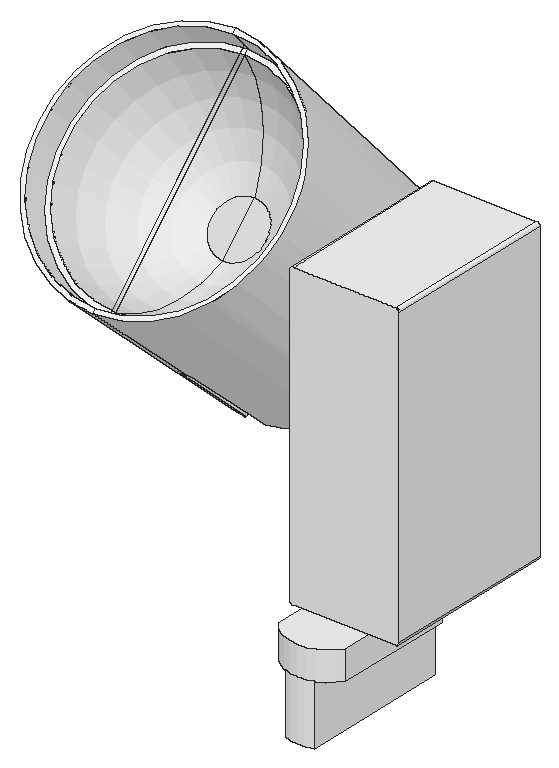
Revit family "0004937 Feilo Sylvania Lighting Fixture START TRACK SPOT L DALI 4897LM 940 MB WHT", category Lighting Fixtures, host Face, Revit 2017 (continued)
Definition of nested family "Start Track Spot Head"
  Types (96, lengths in mm): name | Wattage | built-in parameter 1150134 | Photometric Web File | Model | built-in parameter 1150105 | Lumens | built-in parameter 1150107 | built-in parameter 1150106 | HeadThickness_FEILO | HeadRibOffset_FEILO | HeadRibDepth_FEILO | HeadRibCutWidth_FEILO | HeadRibCutOffset_FEILO | HeadReflectorRadius_FEILO | HeadReflectorOffset_FEILO | HeadLEDRadius_FEILO | HeadHeight_FEILO | HeadDiffusorOffset_FEILO | HeadDiaOut_FEILO | HeadDiaIn_FEILO | HeadAxisFromTop_FEILO | Emit from Circle Diameter | built-in parameter 1150104 | Description | Apparent Load
    0004812 START TRACK SPOT S 14W 3K RA80 MB WHITE | 14 W | (empty or 0) | "0004812.ies" | "START TRACK SPOT S 14W 3K RA80 MB WHITE" | 120.32 (stored number, unit not read) | 1512 lm | 3000 (stored number, unit not read) | 1.2032 (stored number, unit not read) | 1.5 | 4.179 | 55.714 | 7.167 | 50.87 | 50.588 | 55.714 | 9.556 | 117 | 9.435 | 86 | 77.477 | 69.354 | 77.477 | 10.034 (stored number, unit not read) | "Integrated LED spotlight, Textured White - RAL9016, compact and minimalist design, ideal for retail applications, die-cast aluminium body, passive cooling heatsink. Beam angle: 36°, color temperature: 3000K , total system power: 14W, total fixture output: 1508 lm, LOR: 100%, colour rendering: Ra: 80 typical, LED Chromaticity: 3 step MacAdam ellipse, lifetime: >50000 hours at L70B50, energy class: A++, A+, A, IR/UV free light source without heat radiation, operating voltage: 220-240V / 50-60Hz, drive current: 350mA, electronic driver, non-dimmable, power factor: 0.92, electrical protection: Class II, Global Track 3 Phase adapter suitable for Global trac 3-circuit tracks, ingress protection rating: IP20, suitable for internal environment only, horizontal rotation: 355°, vertical tilt: 90°, dimensions: Ø86x140x200, weight: 0.940kg." | 14 VA
    0004811 START TRACK SPOT S 14W 3K RA80 NB WHITE | 14 W | (empty or 0) | "0004811.ies" | "START TRACK SPOT S 14W 3K RA80 NB WHITE" | 123.66 (stored number, unit not read) | 1554 lm | 3000 (stored number, unit not read) | 1.2366 (stored number, unit not read) | 1.5 | 4.179 | 55.714 | 7.167 | 50.87 | 50.588 | 55.714 | 9.556 | 117 | 9.435 | 86 | 77.477 | 69.354 | 77.477 | 10.312 (stored number, unit not read) | "Integrated LED spotlight, Textured White - RAL9016, compact and minimalist design, ideal for retail applications, die-cast aluminium body, passive cooling heatsink. Beam angle: 12°, color temperature: 3000K , total system power: 14W, total fixture output: 1551 lm, LOR: 100%, colour rendering: Ra: 80 typical, LED Chromaticity: 3 step MacAdam ellipse, lifetime: >50000 hours at L70B50, energy class: A++, A+, A, IR/UV free light source without heat radiation, operating voltage: 220-240V / 50-60Hz, drive current: 350mA, electronic driver, non-dimmable, power factor: 0.92, electrical protection: Class II, Global Track 3 Phase adapter suitable for Global trac 3-circuit tracks, ingress protection rating: IP20, suitable for internal environment only, horizontal rotation: 355°, vertical tilt: 90°, dimensions: Ø86x140x200, weight: 0.940kg." | 14 VA
  Reference planes
    plane 1 "Center (Front/Back)": y = 0
    plane 2: z = 0
    plane 3 "Center (Left/Right)": x = 0
    plane 4: x = 43
    plane 5: x = -43
    plane 6: x = -38.739
    plane 7: x = 38.739
    plane 8: z = 69.354
    plane 9: z = -47.646
    plane 10: x = -41.5
    plane 11: x = -37.239
    plane 12: z = -38.211
    plane 13: z = -35.211
    plane 14: z = 8.068
    plane 15: x = -9.556
    plane 16: x = -28.667
    plane 17: x = -19.111
    plane 18: x = -27.167
    plane 19: x = -17.611
    plane 20: x = -8.056
    plane 21: z = 13.64
    plane 22: x = -29.667
    plane 23: x = -26.167
    plane 24: x = -20.111
    plane 25: x = -16.611
    plane 26: x = -10.556
    plane 27: x = -7.056
    plane 28: x = -36.239
    plane 29: x = -40.5
    plane 30: z = 65.175
    plane 31: z = 60.997
    plane 32: z = 56.818
    plane 33: z = 18.484
    plane 34: y = -43
    plane 35: y = 43
    plane 36: y = 3.583
    plane 37: y = -3.583
    plane 38: y = -2.583
    plane 39: y = 2.583
    plane 40: y = 46
    plane 41: z = 13.5
    plane 42: z = -13.5
    plane 43: y = 39
    plane 44: x = 4.708
    plane 45: x = -2.458
    plane 46: x = -1.458
    plane 47: x = 1.458
  Forms (mm)
    Extrusion 1, solid
      sketch origin (4.2, 0, 0) x (1, 0, 0) y (0, 1, 0)
        loop
          line (-1219.2, 1219.2) -> (-1219.2, -1219.2) -> (1219.2, -1219.2) -> (1219.2, 1219.2) -> (-1219.2, 1219.2)
      from 0 to -68.017
    Revolve 2, solid, material <- "Material_1_FEILO", detail levels medium+fine
      sketch origin (0, 0, 0) x (1, 0, 0) y (0, 0, 1)
        loop
          line (-43, -47.646) -> (-41.5, -47.646) -> (-40.5, -35.211) -> (-38.739, -35.211)
          arc (-38.739, -35.211) -> (-30.16, -9.517) -> (-9.556, 8.068) r 50.588
          line (-9.556, 8.068) -> (0, 8.068) -> (0, 13.64) -> (-16.611, 13.64) -> (-17.611, 60.997) -> (-19.111, 60.997) -> (-20.111, 13.64) -> (-36.239, 13.64) -> (-37.239, 69.354) -> (-38.739, 69.354) -> (-43, -47.646)
        axis (0, 69.354) -> (0, -47.646)
      angle from 360 to 0
    Extrusion 3, void
      sketch origin (0, 0, 0) x (0, 1, 0) y (0, 0, 1)
        loop
          line (-3.583, 69.354) -> (-2.583, 18.484) -> (1.932, 18.484) -> (2.932, 69.354) -> (-3.583, 69.354)
      from 43 to -43
    Revolve 4, solid, material <- "Material_2_FEILO", detail levels medium+fine
      sketch origin (0, 0, 0) x (1, 0, 0) y (0, 0, 1)
        loop
          line (-41.5, -38.211) -> (0, -38.211) -> (0, -35.211) -> (-41.5, -35.211) -> (-41.5, -38.211)
        axis (0, -35.211) -> (0, -38.211)
      angle from 360 to 0
    Revolve 5, solid, material <- "Material_1_FEILO"
      sketch origin (0, 0, 0) x (0, 1, 0) y (0, 0, 1)
        loop
          line (46, 0) -> (39, 0) -> (39, -13.5) -> (46, -13.5) -> (46, 0)
        axis (39, 0) -> (46, 0)
      angle from 360 to 0
    Revolve 6, solid, material <- "Material_1_FEILO", detail levels medium+fine
      sketch origin (0, 0, 0) x (1, 0, 0) y (0, 0, 1)
        loop
          line (-29.667, 13.64) -> (-26.167, 13.64) -> (-27.167, 65.175) -> (-28.667, 65.175) -> (-29.667, 13.64)
        loop
          line (-10.556, 13.64) -> (-7.056, 13.64) -> (-7.833, 56.818) -> (-9.778, 56.818) -> (-10.556, 13.64)
        axis (0, 65.175) -> (0, 13.64)
      angle from 360 to 0
    Extrusion 7, void
      sketch origin (0, 0, 0) x (1, 0, 0) y (0, 0, 1)
        loop
          line (4.708, 69.354) -> (-2.458, 69.354) -> (-1.458, 13.64) -> (1.458, 13.64) -> (4.708, 69.354)
      from -43 to 43
    Revolve 8, solid, material <- "Material_1_FEILO", detail levels coarse
      sketch origin (0, 0, 0) x (1, 0, 0) y (0, 0, 1)
        loop
          line (0, 69.354) -> (-38.739, 69.354) -> (-43, -47.646) -> (-41.5, -47.646) -> (-40.731, -38.211) -> (0, -38.211) -> (0, 69.354)
        axis (0, 69.354) -> (0, -47.646)
      angle from 360 to 0
  Cuts and joins
    Extrusion 3 cuts Revolve 2
    Extrusion 7 cuts Revolve 6
  Dimensions and locks
    equal spacing: plane 7, plane 3 "Center (Left/Right)", plane 6
    equal spacing: plane 4, plane 3 "Center (Left/Right)", plane 5
    "HeadDiaOut_FEILO": plane 4 to plane 5
    "HeadDiaIn_FEILO": plane 7 to plane 6
    "HeadHeight_FEILO": plane 8 to plane 9
    "HeadThickness_FEILO": plane 10 to plane 5
    "HeadThickness_FEILO": plane 11 to plane 6
    "HeadDiffusorOffset_FEILO": plane 12 to plane 9
    "HeadDiffusorThickness_FEILO": plane 13 to plane 12
    "HeadReflectorOffset_FEILO": plane 14 to plane 9
    "HeadLEDRadius_FEILO": plane 3 "Center (Left/Right)" to plane 15
    "HeadLEDRadius_FEILO": plane 15 to plane 17
    "HeadLEDRadius_FEILO": plane 17 to plane 16
    "HeadThickness_FEILO": plane 18 to plane 16
    "HeadThickness_FEILO": plane 19 to plane 17
    "HeadThickness_FEILO": plane 20 to plane 15
    "HeadRibDepth_FEILO": plane 8 to plane 21
    "HeadDraft_FEILO": plane 16 to plane 22
    "HeadDraft_FEILO": plane 23 to plane 18
    "HeadDraft_FEILO": plane 17 to plane 24
    "HeadDraft_FEILO": plane 25 to plane 19
    "HeadDraft_FEILO": plane 15 to plane 26
    "HeadDraft_FEILO": plane 27 to plane 20
    "HeadDraft_FEILO": plane 29 to plane 10
    "HeadDraft_FEILO": plane 28 to plane 11
    "HeadRibOffset_FEILO": plane 8 to plane 30
    "HeadRibOffset_FEILO": plane 30 to plane 31
    "HeadRibOffset_FEILO": plane 31 to plane 32
    "HeadAxisFromTop_FEILO": plane 8 to plane 2
    "HeadRibCutOffset_FEILO": plane 8 to plane 33
    equal spacing: plane 34, plane 1 "Center (Front/Back)", plane 35
    "HeadDiaOut_FEILO": plane 34 to plane 35
    equal spacing: plane 38, plane 1 "Center (Front/Back)", plane 39
    equal spacing: plane 37, plane 1 "Center (Front/Back)", plane 36
    "HeadRibCutWidth_FEILO": plane 37 to plane 36
    "HeadDraft_FEILO": plane 37 to plane 38
    locked: plane 35 to plane 40 at 3
    equal spacing: plane 41, plane 2, plane 42
    locked: plane 42 to plane 41 at 27
    locked: plane 43 to plane 35 at 4
    equal spacing: plane 45, imposter light, plane 44
    "HeadDraft_FEILO": plane 46 to plane 45
    "HeadRibCutWidth_FEILO": plane 44 to plane 45
    equal spacing: plane 47, plane 3 "Center (Left/Right)", plane 46
    "HeadReflectorRadius_FEILO": radius of Revolve 2 sketch curve
    aligned and locked: plane 2 to Extrusion 1
    aligned and locked: level to Extrusion 1
    aligned and locked: Revolve 2 sketch curve to plane 3 "Center (Left/Right)"  (x2)
    aligned and locked: plane 9 to Revolve 2 sketch curve  (x2)
    aligned and locked: plane 5 to Revolve 2 sketch curve
    aligned and locked: plane 10 to Revolve 2 sketch curve
    aligned and locked: plane 14 to Revolve 2 sketch curve
    aligned and locked: plane 8 to Revolve 2 sketch curve
    aligned and locked: Revolve 2 sketch curve to plane 13
    aligned and locked: plane 12 to Revolve 4 sketch curve
    aligned and locked: plane 3 "Center (Left/Right)" to Revolve 4 sketch curve
    aligned and locked: Revolve 4 sketch curve to plane 10
    aligned and locked: Revolve 4 sketch curve to plane 3 "Center (Left/Right)"
    aligned and locked: plane 12 to imposter light
    aligned and locked: imposter light to plane 1 "Center (Front/Back)"
    aligned and locked: Revolve 5 sketch curve to plane 2
    aligned and locked: plane 43 to Revolve 5 sketch curve
    aligned and locked: plane 42 to Revolve 5 sketch curve
    aligned and locked: Revolve 6 sketch curve to plane 3 "Center (Left/Right)"
    aligned and locked: plane 22 to Revolve 6 sketch curve
    aligned and locked: plane 30 to Revolve 6 sketch curve
    aligned and locked: plane 23 to Revolve 6 sketch curve
    aligned and locked: Revolve 6 sketch curve to plane 21  (x2)
    aligned and locked: plane 21 to Revolve 6 sketch curve
    aligned and locked: plane 17 to Revolve 2 sketch curve
    aligned and locked: plane 19 to Revolve 2 sketch curve
    aligned and locked: plane 31 to Revolve 2 sketch curve
    aligned and locked: plane 21 to Revolve 2 sketch curve
    aligned and locked: Extrusion 3 to plane 8
    aligned and locked: plane 33 to Extrusion 3
    aligned and locked: plane 8 to Extrusion 3 sketch curve
    aligned and locked: Extrusion 3 sketch curve to plane 33
    aligned and locked: Extrusion 3 to plane 5
    aligned and locked: plane 4 to Extrusion 3
    aligned and locked: plane 32 to Revolve 6 sketch curve
    aligned and locked: plane 44 to Extrusion 7 sketch curve
    aligned and locked: Extrusion 7 sketch curve to plane 8
    aligned and locked: plane 46 to Extrusion 7 sketch curve
    aligned and locked: plane 21 to Extrusion 7 sketch curve
    aligned and locked: plane 34 to Extrusion 7
    aligned and locked: Extrusion 7 to plane 35
    aligned and locked: Revolve 4 sketch curve to plane 13
    aligned and locked: Revolve 5 sketch curve to plane 40
    aligned and locked: Revolve 8 sketch curve to plane 3 "Center (Left/Right)"
    aligned and locked: Revolve 8 sketch curve to cut or joined group of Revolve 2, Extrusion 3  (x3)
    aligned and locked: plane 5 to Revolve 8 sketch curve
    aligned and locked: plane 3 "Center (Left/Right)" to Revolve 8 sketch curve
    aligned and locked: plane 12 to Revolve 8 sketch curve
  Automatic sketch dimensions
    Extrusion 1 sketch curve to Extrusion 1 sketch curve = 2438.4 mm  (x2)
    Extrusion 3 sketch curve to plane 37 = 0 mm
    Extrusion 3 sketch curve to plane 38 = 0 mm
    plane 39 to Extrusion 3 sketch curve = 0.651 mm
    Extrusion 3 sketch curve to plane 39 = 0.349 mm
    Revolve 6 sketch curve to plane 16 = 0 mm
    Revolve 6 sketch curve to plane 18 = 0 mm
    Revolve 6 sketch curve to plane 26 = 0 mm
    Revolve 6 sketch curve to plane 27 = 0 mm
    Revolve 6 sketch curve to plane 15 = 0.222 mm
    plane 9 to Revolve 6 sketch curve = 559.103 mm
    Revolve 6 sketch curve to plane 8 = 2535.555 mm
    plane 20 to Revolve 6 sketch curve = 0.222 mm
    Revolve 2 sketch curve to plane 29 = 0 mm
    Revolve 2 sketch curve to plane 6 = 0 mm  (x2)
    Revolve 2 sketch curve to plane 11 = 0 mm
    Revolve 2 sketch curve to plane 21 = 0 mm
    Revolve 2 sketch curve to plane 28 = 0 mm
    Revolve 2 sketch curve to plane 24 = 0 mm
    Revolve 2 sketch curve to plane 25 = 0 mm
    Revolve 2 sketch curve to plane 15 = 0 mm
    Revolve 2 sketch curve to Revolve 2 sketch curve = 557.155 mm
    Revolve 2 sketch curve to plane 8 = 2535.558 mm
    Extrusion 7 sketch curve to plane 45 = 0 mm
    Extrusion 7 sketch curve to plane 47 = 0 mm
    plane 9 to Revolve 4 sketch curve = 559.103 mm
    Revolve 4 sketch curve to plane 8 = 2535.555 mm
    Revolve 5 sketch curve to level = 0 mm
    plane 34 to Revolve 5 sketch curve = 1968.092 mm
    Revolve 5 sketch curve to plane 40 = 1405.763 mm
    Revolve 8 sketch curve to plane 6 = 0 mm
    Revolve 8 sketch curve to plane 29 = 0.231 mm
    plane 9 to Revolve 8 sketch curve = 559.103 mm
    Revolve 8 sketch curve to Revolve 8 sketch curve = 2535.555 mm
Definition of nested family "Start Track Spot Box"
  Parameters (values of type "Type Large White")
    URL = "http://www.feilosylvania.com"
    Type Image = (empty or 0)
    Type Comments = "n/a"
    Small_FEILO = no
    Material_3_FEILO = none
    Model = ""
    Manufacturer = "Feilo Sylvania"
    Keynote = ""
    Material_2_FEILO = none
    Description = ""
    Default Elevation = 1219.2 mm
    Cost = 0
    Material_1_FEILO = none
    BoxWidth_FEILO = 49 mm
    BoxStartAngle_FEILO [instance] = 0.00°
    BoxRadius_FEILO = 1.5 mm
    BoxHeight_FEILO = if(Small_FEILO, 112 mm, 136 mm)  # 136 mm
    BoxEndAngle_FEILO [instance] = BoxStartAngle_FEILO - 180.00°  # -180.00°
    BoxDepth_FEILO = if(Small_FEILO, 71.5 mm, 79 mm)  # 79 mm
    BoxAxisVerticalOffset_FEILO = 16 mm
    BoxAxisOffset_FEILO = BoxHeight_FEILO / 6.8  # 20 mm
    Assembly Code = ""
    Material_4_FEILO = none
  Types (4, lengths in mm): name | Small_FEILO | BoxHeight_FEILO | BoxDepth_FEILO | BoxAxisOffset_FEILO
    Type Large White | no | 136 | 79 | 20
    Type Small White | yes | 112 | 71.5 | 16.471
    Type Small Black | yes | 112 | 71.5 | 16.471
    Type Large Black | no | 136 | 79 | 20
  Reference planes
    plane 1 "Center (Front/Back)": y = 0
    plane 2: z = 0
    plane 3 "Center (Left/Right)": x = 0
    plane 4: x = 24.5
    plane 5: x = -24.5
    plane 6: y = 68
    plane 7: y = -68
    plane 8: z = 39.5
    plane 9: z = -39.5
    plane 10: y = -48
    plane 11: x = 30.5
    plane 12: x = 8.5
    plane 13: x = 21.5
    plane 14: y = 70
    plane 15: y = 72
    plane 16: x = 19.5
  Forms (mm)
    Extrusion 1, solid
      sketch origin (4.2, 0, 0) x (1, 0, 0) y (0, 1, 0)
        loop
          line (-1219.2, 1219.2) -> (-1219.2, -1219.2) -> (1219.2, -1219.2) -> (1219.2, 1219.2) -> (-1219.2, 1219.2)
      from 0 to -68.017
    Extrusion 2, solid, material <- "Material_1_FEILO"
      sketch origin (0, 0, 0) x (1, 0, 0) y (0, 1, 0)
        loop
          arc (-23, 68) -> (-24.061, 67.561) -> (-24.5, 66.5) r 1.5
          line (-24.5, 66.5) -> (-24.5, -66.5)
          arc (-24.5, -66.5) -> (-24.061, -67.561) -> (-23, -68) r 1.5
          line (-23, -68) -> (23, -68)
          arc (23, -68) -> (24.061, -67.561) -> (24.5, -66.5) r 1.5
          line (24.5, -66.5) -> (24.5, 66.5)
          arc (24.5, 66.5) -> (24.061, 67.561) -> (23, 68) r 1.5
          line (23, 68) -> (-23, 68)
      from -39.5 to 39.5
    Revolve 3, solid, not visible
      sketch origin (0, 0, 0) x (1, 0, 0) y (0, 1, 0)
        loop
          line (30.5, -48) -> (24.5, -48) -> (24.5, -68) -> (30.5, -68) -> (30.5, -48)
        axis (30.5, -48) -> (24.5, -48)
      angle from 0 <- "BoxStartAngle_FEILO" to -180 <- "BoxEndAngle_FEILO"
    Revolve 4, solid, material <- "Material_2_FEILO"
      sketch origin (0, 0, 0) x (1, 0, 0) y (0, 1, 0)
        loop
          line (8.5, 68) -> (19.5, 68) -> (19.5, 70) -> (21.5, 70) -> (21.5, 72) -> (8.5, 72) -> (8.5, 68)
        axis (8.5, 72) -> (8.5, 68)
      angle from 360 to 0
  Dimensions and locks
    equal spacing: plane 5, plane 3 "Center (Left/Right)", plane 4
    "BoxWidth_FEILO": plane 5 to plane 4
    equal spacing: plane 7, plane 1 "Center (Front/Back)", plane 6
    "BoxHeight_FEILO": plane 7 to plane 6
    equal spacing: plane 8, plane 2, plane 9
    "BoxDepth_FEILO": plane 8 to plane 9
    "BoxAxisOffset_FEILO": plane 7 to plane 10
    locked: plane 4 to plane 11 at 6
    "BoxAxisVerticalOffset_FEILO": plane 12 to plane 4
    locked: plane 12 to plane 13 at 13
    plane 6 to plane 14 to plane 15 = 2 mm locked, 2 mm locked
    locked: plane 12 to plane 16 at 11
    "BoxRadius_FEILO": radius of Extrusion 2 sketch curve  (x4)
    aligned and locked: plane 2 to Extrusion 1
    aligned and locked: level to Extrusion 1
    aligned and locked: plane 6 to Extrusion 2 sketch curve
    aligned and locked: plane 5 to Extrusion 2 sketch curve
    aligned and locked: Extrusion 2 sketch curve to plane 7
    aligned and locked: Extrusion 2 sketch curve to plane 4
    aligned and locked: Extrusion 2 to plane 8
    aligned and locked: plane 9 to Extrusion 2
    aligned and locked: Revolve 3 sketch curve to plane 10  (x2)
    aligned and locked: plane 11 to Revolve 3 sketch curve
    aligned and locked: Revolve 3 sketch curve to plane 4
    aligned and locked: plane 7 to Revolve 3 sketch curve
    aligned and locked: Revolve 4 sketch curve to plane 12
    aligned and locked: plane 6 to Revolve 4 sketch curve
    aligned and locked: plane 12 to Revolve 4 sketch curve
    aligned and locked: plane 15 to Revolve 4 sketch curve
    aligned and locked: Revolve 4 sketch curve to plane 13
    aligned and locked: Revolve 4 sketch curve to plane 14
    aligned and locked: Revolve 4 sketch curve to plane 16
    aligned and locked: Revolve 4 sketch curve to plane 6
  Automatic sketch dimensions
    Extrusion 1 sketch curve to Extrusion 1 sketch curve = 2438.4 mm  (x2)
    Revolve 3 sketch curve to plane 5 = 1499.5 mm
    plane 11 to Revolve 3 sketch curve = 1493.5 mm
    plane 15 to Revolve 4 sketch curve = 0 mm
    plane 7 to Revolve 4 sketch curve = 1456 mm
    Revolve 4 sketch curve to plane 15 = 1452 mm
